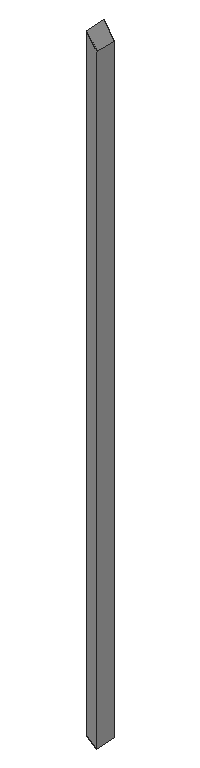
Revit family "EFStud", category Generic Models, host Wall, Revit 2021
Family settings
  Host = Wall
  Can host rebar = No
  Round Connector Dimension = Use Diameter
  Part Type = Normal
  Always vertical = Yes
  Cut with Voids When Loaded = No
  Shared = No
  Room Calculation Point = No
Parameters (values of type "EFStud 2X4")
  b = 0' - 1 1/2"
  TopAngle [instance] = 30.00°
  Material [instance] = Wood
  Height [instance] = 8' - 8 3/32"
  d = 0' - 3 1/2"
  Default Elevation = 0' - 0"
  BottomAngle [instance] = 130.00°
  BWType [instance] = "Stud"
  BWSECID [instance] = "0||WCLIB WWPA|32.21|2|0|0|1600|0|580|0|900|900|625|1350|575|180|0|1.5|4|No. 2|DOUGLAS FIR-LARCH||0||2x6|1.5|5.5|0|1|4"
Reference planes (in)
  plane 1: y = 0
  plane 2 "Center (Left/Right)": x = 0
  plane 3 "Wall Edge": y = 2.75
  plane 4: x = 1.5
  plane 5: z = 116.09375
Forms (in)
  Extrusion 1, solid, material "Wood" <- "Material"
    sketch origin (0, 2.75, 0) x (1, 0, 0) y (0, 0, 1)
      loop
        line (0, 104.09375) -> (0, 0) -> (1.5, -1.25865) -> (1.5, 101.49567) -> (0, 104.09375)
    from 0 to 3.5 <- "d"
Text (in)
  text "Placement Side" at (0, 40.15149, 123.01588), in view "Right"
  text "Placement Side" at (-70.3804, 28.46503, 0), in view "Ref. Level"
  text "Placement Side" at (0, 81.62555, 140.59947), in view "Left"
Dimensions and locks (in)
  locked: plane 3 "Wall Edge" to host wall
  "b": plane 4 to plane 2 "Center (Left/Right)"
  plane 5 to level = 9' - 8 3/32"
  "Height": Extrusion 1 sketch curve to Extrusion 1 sketch curve
  "TopAngle": angle Extrusion 1 sketch curve to Extrusion 1 sketch curve
  "BottomAngle": angle Extrusion 1 sketch curve to plane 2 "Center (Left/Right)"
Automatic sketch dimensions
  Extrusion 1 sketch curve to plane 2 "Center (Left/Right)" = 0' - 0"
  Extrusion 1 sketch curve to plane 4 = 0' - 0"
  Extrusion 1 sketch curve to level = 0' - 0"
